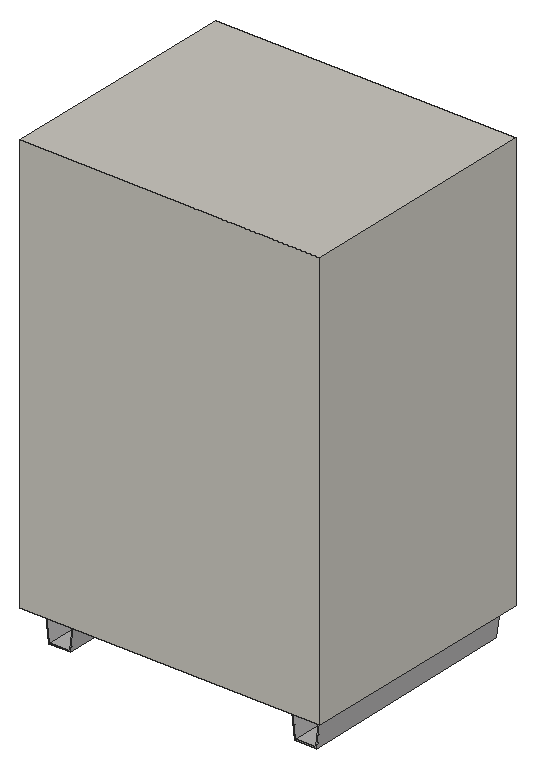
Revit family "1GAHP-WS Indoor", category Wyposażenie mechaniczne, Revit 2015
Parameters (values of type "GAHP-WS")
  Wysokość = 1278.00 mm
  Współczynnik mocy = 1
  Wolna przestrzeń wokół urządzenia [instance] = yes
  Waga płynu roboczego - woda = 10.00 kg
  Waga płynu roboczego - amoniak R717 = 7.70 kg
  Waga = 300.00 kg
  URL = "www.gazuno.pl"
  Szerokość = 848.00 mm
  Sposób instalacji = "C13, C33, C43, C53, C63, C83, B23P, B33"
  Spadek ciśnienia medium przy nominalnym przepływie = 0.38 bar
  Rzeczywista moc grzewcza palnika = 25200 W
  Producent = "Robur"  # constant formula
  Opis = "Gazowa, absorpcyjna pompa ciepła woda/woda. Zasilana gazem i energią odnawialną."
  Obciążenie pozorne = Moc elektryczna / Współczynnik mocy  # 410 VA
  Nominalny spadek ciśnienia wody grzewczej = 0.57 bar
  Nominalny przepływ wody grzewczej = 0.992 L/s
  Nominalny przepływ medium w odnawialnym źródle = 0.792 L/s
  Nominalna moc grzewcza palnika = 25700 W
  Napięcie zasilania = 230 V
  Model = "GAHP-WS"
  Moc elektryczna = 410 W
  Min. temperatura wody na wejściu do urządzenia (podczas pracy ciągłej) = 20 °C
  Min. temperatura powietrza zewnętrznego (tryb grzania) = 0 °C
  Min. temperatura medium na wejściu do odnawialnego źródła = 3 °C
  Min. przepływ wody grzewczej = 0.389 L/s
  Min. przepływ medium w odnawialnym źródle = 0.639 L/s
  Max. temperatura wody na wyjściu z urządzenia = 65 °C
  Max. temperatura wody na wejściu do urządzenia = 55 °C
  Max. temperatura powietrza zewnętrznego (tryb grzania) = 45 °C
  Max. temperatura medium na wyjściu z odnawialnego źródła = 45 °C
  Max. przepływ wody grzewczej = 1.111 L/s
  Max. przepływ medium w odnawialnym źródle = 1.306 L/s
  Max. przepływ kondensatu = "4 l/h"
  Max. ciśnienie w układzie absorpcyjnym = "35 bar"
  Materiał podstawa = Robur_Stal
  Materiał obudowa = Robur_CashmereGrey
  Maksymalne ciśnienie robocze = 4 bar
  Klasyfikacja obciążenia = Inne
  IP = "X5D"
  Głębokość = 690.00 mm
  Dokumentacja techniczna = "http://www.gazuno.pl/assets/files/Gazuno/Produkty/Pompy%20Ciep%C5%82a/GAHP-WS/D-LBR608_E_13MCMSDC013_GAHP-GS_WS_fw3.028_BICI_ErP_PL.PDF"
  Ciśnienie gazu zasilającego (gaz ziemny G20) = "17 - 23 mbar"
  Ciśnienie gazu zasilającego (LPG G30/G31) = "32 - 42 mbar"
  Ciśnienie akustyczne w odległości 5 metrów = "44,1 dB (A)"
  Autor = "www.archispace.pl"
Reference planes
  plane 1 "Środek (Przód/Tył)": y = 0
  plane 2: z = 0
  plane 3 "Środek (Lewa/Prawa)": x = 0
  plane 4: y = 345
  plane 5: y = -345
  plane 6: x = -424
  plane 7: x = 424
  plane 8: x = -874
  plane 9: x = 874
  plane 10: y = -1145
  plane 11: y = 545
  plane 12: z = 1278
  plane 13: y = 15
  plane 14: y = 135
Forms (mm)
  Extrusion 1, solid, material "Robur_Stal" <- "Materiał podstawa", detail levels fine
    sketch origin (0, 0, 0) x (1, 0, 0) y (0, 0, 1)
      loop
        line (304.662, 95) -> (317.5, 0) -> (377.5, 0) -> (390.338, 95) -> (387.815, 95) -> (375.315, 2.5) -> (319.685, 2.5) -> (307.185, 95) -> (304.662, 95)
      loop
        line (-304.662, 95) -> (-307.185, 95) -> (-319.685, 2.5) -> (-375.315, 2.5) -> (-387.815, 95) -> (-390.338, 95) -> (-377.5, 0) -> (-317.5, 0) -> (-304.662, 95)
    from -335 to 300
  Extrusion 2, solid, material "Robur_Stal" <- "Materiał podstawa", detail levels medium
    sketch origin (0, 0, 0) x (1, 0, 0) y (0, 0, 1)
      loop
        line (-390.338, 95) -> (-390.338, 0) -> (-304.662, 0) -> (-304.662, 95) -> (-390.338, 95)
      loop
        line (390.338, 95) -> (304.662, 95) -> (304.662, 0) -> (390.338, 0) -> (390.338, 95)
    from -335 to 300
  Extrusion 3, solid, material "Robur_CashmereGrey" <- "Materiał obudowa", detail levels coarse
    sketch origin (0, 0, 0) x (1, 0, 0) y (0, 1, 0)
      loop
        line (-424, -345) -> (424, -345) -> (424, 345) -> (-424, 345) -> (-424, -345)
    from 0 to 1278 <- "Wysokość"
  Extrusion 4, solid, material "Robur_CashmereGrey" <- "Materiał obudowa", detail levels medium+fine
    sketch origin (0, 0, 0) x (1, 0, 0) y (0, 1, 0)
      loop
        line (-424, -345) -> (424, -345) -> (424, 345) -> (-424, 345) -> (-424, -345)
    from 95 to 1278 <- "Wysokość"
  Extrusion 5, solid, material "Robur_CashmereGrey" <- "Materiał obudowa", detail levels fine
    sketch origin (-626.941, 345, 1200) x (-1, 0, 0) y (0, 0, 1)
      loop
        circle (-997.941, -304) r 16
      loop
        circle (-730.941, -304) r 16
      loop
        circle (-391.941, -107) r 16
      loop
        circle (-293.941, -107) r 16
    from 0 to 30
  Extrusion 6, solid, material "Robur_CashmereGrey" <- "Materiał obudowa", detail levels fine
    sketch origin (-424, 965.13, 1200) x (0, 1, 0) y (0, 0, 1)
      loop
        circle (-1050.13, -265) r 10
    from 0 to -10
  Sweep 7, solid, material "Robur_CashmereGrey" <- "Materiał obudowa"
    path origin (-705.709, 15, 1200) x (-1, 0, 0) y (0, 0, 1)
      loop
        line (-281.709, -265) -> (-221.709, -265)
    profile origin (-454, 15, 935) x (0, 0, 1) y (0, 1, 0)
      loop
        circle (0, 0) r 45
  Sweep 8, solid, material "Robur_CashmereGrey" <- "Materiał obudowa"
    path origin (-705.709, 135, 1200) x (-1, 0, 0) y (0, 0, 1)
      loop
        line (-281.709, -265) -> (-221.709, -265)
    profile origin (-454, 135, 935) x (0, 0, 1) y (0, 1, 0)
      loop
        circle (0, 0) r 45
Lines and regions (mm)
  model lines, visible <- "Wolna przestrzeń wokół urządzenia"
    curve 1: line (-874, 545, 0) -> (-874, -1145, 0)
    curve 2: line (874, 545, 0) -> (874, -1145, 0)
    curve 3: line (-874, 545, 0) -> (874, 545, 0)
    curve 4: line (-874, -1145, 0) -> (874, -1145, 0)
    curve 5: line (-874, 545, 1278) -> (-874, -1145, 1278)
    curve 6: line (-874, 545, 1278) -> (874, 545, 1278)
    curve 7: line (874, 545, 1278) -> (874, -1145, 1278)
    curve 8: line (-874, -1145, 1278) -> (874, -1145, 1278)
    curve 9: line (-874, -1145, 0) -> (-874, -1145, 1278)
    curve 10: line (874, -1145, 0) -> (874, -1145, 1278)
    curve 11: line (-874, 545, 0) -> (-874, 545, 1278)
    curve 12: line (874, 545, 0) -> (874, 545, 1278)
Dimensions and locks
  equal spacing: plane 5, plane 1 "Środek (Przód/Tył)", plane 4
  "Głębokość": plane 5 to plane 4
  equal spacing: plane 6, plane 3 "Środek (Lewa/Prawa)", plane 7
  "Szerokość": plane 6 to plane 7
  locked: plane 8 to plane 6 at 450
  locked: plane 7 to plane 9 at 450
  locked: plane 11 to plane 4 at 200
  locked: plane 10 to plane 5 at 800
  "Wysokość": plane 12 to level
  plane 4 to plane 14 to plane 13 = 210.00 mm locked, 120.00 mm locked
  aligned and locked: level to plane 2
  aligned and locked: curve 1 to plane 8
  aligned and locked: plane 9 to curve 2
  aligned and locked: curve 3 to plane 11
  aligned and locked: curve 4 to plane 10
  aligned and locked: curve 5 to plane 8
  aligned and locked: curve 6 to plane 11
  aligned and locked: plane 9 to curve 7
  aligned and locked: curve 8 to plane 10
Automatic sketch dimensions
  Extrusion 1 sketch curve to level = 0.00 mm  (x2)
  plane 6 to Extrusion 1 sketch curve = 33.662 mm
  Extrusion 1 sketch curve to Extrusion 1 sketch curve = 2.523 mm  (x4)
  plane 6 to Extrusion 1 sketch curve = 46.50 mm
  level to Extrusion 1 sketch curve = 2.50 mm  (x2)
  Extrusion 1 sketch curve to Extrusion 1 sketch curve = 2.185 mm  (x4)
  Extrusion 1 sketch curve to Extrusion 1 sketch curve = 55.63 mm
  Extrusion 1 sketch curve to Extrusion 1 sketch curve = 80.63 mm
  plane 7 to Extrusion 1 sketch curve = 119.338 mm
  Extrusion 1 sketch curve to Extrusion 1 sketch curve = 10.315 mm
  plane 7 to Extrusion 1 sketch curve = 48.685 mm
  plane 7 to Extrusion 1 sketch curve = 36.185 mm
  Extrusion 1 sketch curve to Extrusion 1 sketch curve = 92.50 mm  (x2)
  Extrusion 1 sketch curve to Extrusion 1 sketch curve = 0.00 mm  (x2)
  Extrusion 3 sketch curve to plane 4 = 0.00 mm
  Extrusion 3 sketch curve to plane 6 = 0.00 mm
  Extrusion 3 sketch curve to plane 7 = 0.00 mm
  plane 5 to Extrusion 3 sketch curve = 0.00 mm
  curve 10 to level = 0.00 mm
  plane 9 to curve 10 = 0.00 mm
  curve 9 to plane 8 = 0.00 mm
  curve 9 to level = 0.00 mm
  curve 10 to plane 12 = 0.00 mm
  curve 9 to plane 12 = 0.00 mm
  curve 12 to level = 0.00 mm
  plane 9 to curve 12 = 0.00 mm
  curve 11 to plane 8 = 0.00 mm
  curve 11 to level = 0.00 mm
  curve 12 to plane 12 = 0.00 mm
  curve 11 to plane 12 = 0.00 mm
  Extrusion 2 sketch curve to level = 0.00 mm  (x2)
  plane 6 to Extrusion 2 sketch curve = 33.662 mm
  Extrusion 2 sketch curve to Extrusion 2 sketch curve = 85.676 mm
  plane 7 to Extrusion 2 sketch curve = 119.338 mm
  plane 7 to Extrusion 2 sketch curve = 33.662 mm
  level to Extrusion 2 sketch curve = 95.00 mm  (x2)
  Extrusion 4 sketch curve to plane 4 = 0.00 mm
  Extrusion 4 sketch curve to plane 6 = 0.00 mm
  Extrusion 4 sketch curve to plane 7 = 0.00 mm
  plane 5 to Extrusion 4 sketch curve = 0.00 mm
  plane 7 to Extrusion 5 sketch curve = 53.00 mm
  plane 3 "Środek (Lewa/Prawa)" to Extrusion 5 sketch curve = 104.00 mm
  plane 6 to Extrusion 5 sketch curve = 189.00 mm
  plane 6 to Extrusion 5 sketch curve = 91.00 mm
  Extrusion 5 sketch curve to plane 12 = 382.00 mm
  Extrusion 5 sketch curve to Extrusion 5 sketch curve = 0.00 mm  (x2)
  Extrusion 5 sketch curve to plane 12 = 185.00 mm
  plane 1 "Środek (Przód/Tył)" to Extrusion 6 sketch curve = 85.00 mm
  Extrusion 6 sketch curve to plane 12 = 343.00 mm
  Sweep 7 sketch curve to plane 13 = 0.00 mm
  profile plane to Sweep 7 sketch curve = 0.00 mm
  Sweep 8 sketch curve to plane 14 = 0.00 mm
  profile plane to Sweep 8 sketch curve = 0.00 mm
  Sweep 7 sketch curve to plane 6 = 0.00 mm
  Sweep 7 sketch curve to plane 6 = 60.00 mm
  Sweep 7 sketch curve to plane 12 = 343.00 mm
  Sweep 8 sketch curve to plane 6 = 0.00 mm
  Sweep 8 sketch curve to plane 6 = 60.00 mm
  Sweep 8 sketch curve to plane 12 = 343.00 mm
  radius of Extrusion 5 sketch curve = 16.00 mm  (x4)
  radius of Extrusion 6 sketch curve = 10.00 mm
  radius of Sweep 7 sketch curve = 45.00 mm
  radius of Sweep 8 sketch curve = 45.00 mm
Connectors
  piping at (371, 375, 896), diameter 31.75
    settings: on Extrusion 5, index 1, connector inside diameter 609.6 mm, connector length 0.00 mm, flow factor 0, pipe flow 0.000 L/s, pressure drop 0 bar, fitting loss kfactor 0, connector angle 0.00°, fixture units 0, engagement length 0.00 mm, angle of deflection 0.00°, flow configuration 0, flow direction 2, fitting loss method 0, system type 7, joint type 0, gender type 0, connector reference index -1, connector utility 0, adjustable connector no, is connector primary yes, connector description "Przyłącze wody wyjście (strona gorąca) Ø 1\"¼"
  piping at (104, 375, 896), diameter 31.75
    settings: on Extrusion 5, index 2, connector inside diameter 609.6 mm, connector length 0.00 mm, flow factor 0, pipe flow 0.000 L/s, pressure drop 0 bar, fitting loss kfactor 0, connector angle 0.00°, fixture units 0, engagement length 0.00 mm, angle of deflection 0.00°, flow configuration 0, flow direction 2, fitting loss method 0, system type 8, joint type 0, gender type 0, connector reference index -1, connector utility 0, adjustable connector no, is connector primary no, connector description "Przyłącze wody wyjście (strona zimna) Ø 1\"¼"
  piping at (-235, 375, 1093), diameter 31.75
    settings: on Extrusion 5, index 3, connector inside diameter 609.6 mm, connector length 0.00 mm, flow factor 0, pipe flow 0.000 L/s, pressure drop 0 bar, fitting loss kfactor 0, connector angle 0.00°, fixture units 0, engagement length 0.00 mm, angle of deflection 0.00°, flow configuration 0, flow direction 1, fitting loss method 0, system type 7, joint type 0, gender type 0, connector reference index -1, connector utility 0, adjustable connector no, is connector primary no, connector description "Przyłącze wody wejście (strona zimna) Ø 1\"¼"
  piping at (-333, 375, 1093), diameter 31.75
    settings: on Extrusion 5, index 4, connector inside diameter 609.6 mm, connector length 0.00 mm, flow factor 0, pipe flow 0.000 L/s, pressure drop 0 bar, fitting loss kfactor 0, connector angle 0.00°, fixture units 0, engagement length 0.00 mm, angle of deflection 0.00°, flow configuration 0, flow direction 1, fitting loss method 0, system type 8, joint type 0, gender type 0, connector reference index -1, connector utility 0, adjustable connector no, is connector primary no, connector description "Przyłącze wody wejście (strona gorąca) Ø 1\"¼"
  piping at (-434, -85, 935), diameter 19.05
    settings: on Extrusion 6, index 5, connector inside diameter 609.6 mm, connector length 0.00 mm, flow factor 0, pipe flow 0.000 L/s, pressure drop 0 bar, fitting loss kfactor 0, connector angle 0.00°, fixture units 0, engagement length 0.00 mm, angle of deflection 0.00°, flow configuration 0, flow direction 1, fitting loss method 0, system type 22, joint type 0, gender type 0, connector reference index -1, connector utility 0, adjustable connector no, is connector primary no, connector description "Przyłącze gazu Ø ¾\""
  electrical at (0, 345, 686.5), driven by "Napięcie zasilania", driven by "Klasyfikacja obciążenia", driven by "Obciążenie pozorne", driven by "Współczynnik mocy"
    settings: on Extrusion 4, index 6, voltage 230 V, apparent load 410 VA, apparent load phase1 0 VA, apparent load phase2 0 VA, apparent load phase3 0 VA, power factor 1, load classification "Inne", number of poles 1, system type 30, power factor state 1, is connector primary yes, connector utility no, sub classification motor no, connector description ""
  electrical at (0, 0, 95)
    settings: on Extrusion 4, index 7, voltage 0 V, apparent load 0 VA, apparent load phase1 0 VA, apparent load phase2 0 VA, apparent load phase3 0 VA, power factor 1, load classification "Inne", number of poles 1, system type 13, power factor state 1, is connector primary no, connector utility no, sub classification motor no, connector description ""
  piping at (-484, 135, 935), diameter 80
    settings: on Sweep 8, index 8, connector inside diameter 609.6 mm, connector length 0.00 mm, flow factor 0, pipe flow 0.000 L/s, pressure drop 0 bar, fitting loss kfactor 0, connector angle 0.00°, fixture units 0, engagement length 0.00 mm, angle of deflection 0.00°, flow configuration 0, flow direction 2, fitting loss method 0, system type 22, joint type 0, gender type 0, connector reference index -1, connector utility 0, adjustable connector no, is connector primary no, connector description "Odprowadzenie spalin Ø 80"
  piping at (-484, 15, 935), diameter 80
    settings: on Sweep 7, index 9, connector inside diameter 609.6 mm, connector length 0.00 mm, flow factor 0, pipe flow 0.000 L/s, pressure drop 0 bar, fitting loss kfactor 0, connector angle 0.00°, fixture units 0, engagement length 0.00 mm, angle of deflection 0.00°, flow configuration 0, flow direction 1, fitting loss method 0, system type 22, joint type 0, gender type 0, connector reference index -1, connector utility 0, adjustable connector no, is connector primary no, connector description "Wlot powietrza do spalania Ø 80"
